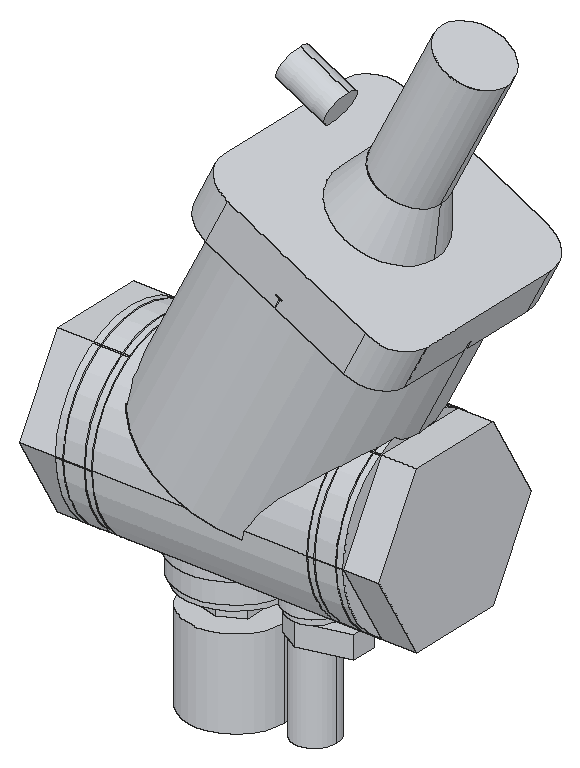
Revit family "PV_Compact_DN025L_ 20-80_FF_měř_RFA_2019", category Pipe Accessories, Revit 2019
Family settings
  Round Connector Dimension = Use Diameter
  Part Type = Valve - Breaks Into
  Work Plane-Based = No
  Always vertical = Yes
  Cut with Voids When Loaded = No
  Shared = No
Parameters (values of type "PV Compact DN25L FF s měřením ( 20-80kPa)")
  magiProductId = "87b7cca8bace4074a54840dfb5d8dc"
  magiProductFamilyId = "17221e4467384e4990f0bd3f9c07cb"
  magiPartTypeId = 304
  isMeasuringValve [instance] = no
  ang2D [instance] = 0.00°
  Z7 = 15 mm
  Z6 = 40.2 mm
  Z5 = 93.8 mm
  Z4 = 80.4 mm
  Z3 = 13.4 mm
  Z2 = 67 mm
  XR3 = 42.5 mm
  XR2 = 37.5 mm
  XR1 = 25.5 mm
  W2D = 15 mm
  VersionID = "2.0/2018.12.13.2/FRESE_PV_COMPACT_PLUG_Q13_001"
  Use Minimum Symbol Size [instance] = no
  URL = "www.hydronix.cz"
  Type Comments = "závitový s vnitřním závitem; dvěma měřicími vsuvkami; PN25; dpmax=450kPa; -10~+120°C;"
  R5 = 5 mm
  R4 = 15 mm
  R3 = 10 mm
  R2 = 26.5 mm
  R1 = 31.5 mm
  QmdConnectorList = "301;D;302;D"
  Productdata [instance] = ""
  PH__ve = -PH  # -17.6 mm
  PH = 17.6 mm
  NL__ve = -NL  # -20 mm
  NL = 20 mm
  Manufacturer = "Hydronix"
  MC Use Limits From Balancing Method = no
  MC Throttling Minimum Value = 0
  MC Throttling Maximum Value = 0
  MC Product Code = "53-3211 DN25L; FF; nastavitelný rozsah dp=20~80kPa; Q=750~4200l/h;  kvs=8,7"
  MC Pressure Drop Minimum Value = 0.0 Pa
  MC Pressure Drop Maximum Value = 0.0 Pa
  MC Piping Given Pressure Drop [instance] = 0.0 Pa
  M5 = 40 mm
  M4 = 38 mm
  M3 = 32 mm
  M2 = 30 mm
  LP = 50 mm
  LM = 60 mm
  LL__ve = -LL  # -6.3 mm
  LLT__ve = -LLT  # -19.1 mm
  LLT = 19.1 mm
  LL2 = 38 mm
  LL = 6.3 mm
  L3 = 11 mm
  L2D_Min = 30.48 mm
  L2D = 65 mm
  Description = "Nastavitelný regulátor tlakové diference"
  DR1 = no
  DR0 = yes
  DL2 = 66 mm
  D = 25 mm
  CenSd_R2_6 = R2 * cos(30.00°)  # 22.95 mm
  CAT0 = yes
  C0D1 = no
  C0D0 = yes
Types (10, lengths in mm): name | magiProductId | Z6 | Z5 | Z4 | Z3 | Z2 | XR3 | XR2 | XR1 | R2 | R1 | PH__ve | PH | NL__ve | NL | MC Product Code | M5 | M4 | M3 | M2 | LP | LM | LL__ve | LLT__ve | LLT | LL2 | LL | L3 | D | CenSd_R2_6
  PV Compact DN15 FF s měřením ( 20-60kPa) | "92c6061b2d364c498536f200ceae3f" | 24.6 | 57.4 | 49.2 | 8.2 | 41 | 30 | 25 | 13 | 14 | 19 | -22.4 | 22.4 | -15 | 15 | "53-3205 DN15; FF; nastavitelný rozsah dp=20~60kPa; Q=100~1000l/h;  kvs=2,9" | 32.5 | 30.5 | 24.5 | 22.5 | 37.5 | 45 | -5.7 | -14.9 | 14.9 | 32 | 5.7 | 11 | 15 | 12.124
  PV Compact DN15 FF s měřením (  5-30kPa) | "f361d342a5c3496a8b127ae77303d4" | 24.6 | 57.4 | 49.2 | 8.2 | 41 | 30 | 25 | 13 | 14 | 19 | -22.4 | 22.4 | -15 | 15 | "53-3204 DN15; FF; nastavitelný rozsah dp=5~30kPa; Q=50~600l/h;  kvs=2,9" | 32.5 | 30.5 | 24.5 | 22.5 | 37.5 | 45 | -5.7 | -14.9 | 14.9 | 32 | 5.7 | 11 | 15 | 12.124
  PV Compact DN20 FF s měřením ( 20-60kPa) | "9f7cac6a20a942348ba3edadb25c10" | 24.6 | 57.4 | 49.2 | 8.2 | 41 | 30 | 25 | 13 | 14 | 19 | -22.4 | 22.4 | -15.8 | 15.8 | "53-3207 DN20; FF; nastavitelný rozsah dp=20~60kPa; Q=150~2000l/h;  kvs=3,5" | 33.7 | 31.7 | 25.7 | 23.7 | 39.5 | 47.4 | -5.7 | -14.9 | 14.9 | 32 | 5.7 | 11 | 20 | 12.124
  PV Compact DN20 FF s měřením (  5-30kPa) | "db23a1b537c14a0d8d3ef5b88ba9f3" | 24.6 | 57.4 | 49.2 | 8.2 | 41 | 30 | 25 | 13 | 14 | 19 | -22.4 | 22.4 | -15.8 | 15.8 | "53-3206 DN20; FF; nastavitelný rozsah dp=5~30kPa; Q=100~1000l/h;  kvs=3,5" | 33.7 | 31.7 | 25.7 | 23.7 | 39.5 | 47.4 | -5.7 | -14.9 | 14.9 | 32 | 5.7 | 11 | 20 | 12.124
  PV Compact DN25 FF s měřením (  5-30kPa) | "df9f1d59aa4a4bbbaec25e168ba07d" | 25.5 | 59.5 | 51 | 8.5 | 42.5 | 30 | 25 | 13 | 14 | 19 | -20.8 | 20.8 | -16.6 | 16.6 | "53-3208 DN25; FF; nastavitelný rozsah dp=5~30kPa; Q=600~2100l/h;  kvs=4,0" | 34.9 | 32.9 | 26.9 | 24.9 | 41.5 | 49.8 | -5.9 | -16.3 | 16.3 | 34 | 5.9 | 11 | 25 | 12.124
  PV Compact DN25L FF s měřením ( 20-80kPa) | "87b7cca8bace4074a54840dfb5d8dc" | 40.2 | 93.8 | 80.4 | 13.4 | 67 | 42.5 | 37.5 | 25.5 | 26.5 | 31.5 | -17.6 | 17.6 | -20 | 20 | "53-3211 DN25L; FF; nastavitelný rozsah dp=20~80kPa; Q=750~4200l/h;  kvs=8,7" | 40 | 38 | 32 | 30 | 50 | 60 | -6.3 | -19.1 | 19.1 | 38 | 6.3 | 11 | 25 | 22.95
  PV Compact DN25L FF s měřením (  5-30kPa) | "5f34f6c18cbb44599cc4b76a533b7b" | 40.2 | 93.8 | 80.4 | 13.4 | 67 | 42.5 | 37.5 | 25.5 | 26.5 | 31.5 | -17.6 | 17.6 | -20 | 20 | "53-3210 DN25L; FF; nastavitelný rozsah dp=5~30kPa; Q=600~2500l/h;  kvs=8,7" | 40 | 38 | 32 | 30 | 50 | 60 | -6.3 | -19.1 | 19.1 | 38 | 6.3 | 11 | 25 | 22.95
  PV Compact DN32 FF s měřením ( 20-80kPa) | "4a8a1c2c3ced401aa76adec660b182" | 40.2 | 93.8 | 80.4 | 13.4 | 67 | 42.5 | 37.5 | 25.5 | 26.5 | 31.5 | -13.6 | 13.6 | -20.8 | 20.8 | "53-3214 DN32; FF; nastavitelný rozsah dp=20~80kPa; Q=1000~5000l/h;  kvs=10,1" | 41.2 | 39.2 | 33.2 | 31.2 | 52 | 62.4 | -6.8 | -22.6 | 22.6 | 43 | 6.8 | 25 | 32 | 22.95
  PV Compact DN40 FF s měřením ( 20-80kPa) | "8dd334465d8f48dd802c3dab6bec5b" | 46.8 | 109.2 | 93.6 | 15.6 | 78 | 42.5 | 37.5 | 25.5 | 26.5 | 31.5 | -11.2 | 11.2 | -27.6 | 27.6 | "53-3216 DN40; FF; nastavitelný rozsah dp=20~80kPa; Q=3000~8000l/h;  kvs=15,8" | 51.4 | 49.4 | 43.4 | 41.4 | 69 | 82.8 | -7.1 | -24.7 | 24.7 | 46 | 7.1 | 25 | 40 | 22.95
  PV Compact DN50 FF s měřením ( 20-80kPa) | "de24153ded7e41748f92358b184bd6" | 46.8 | 109.2 | 93.6 | 15.6 | 78 | 42.5 | 37.5 | 25.5 | 35.25 | 31.5 | -6.4 | 6.4 | -27.6 | 27.6 | "53-3218 DN50; FF; nastavitelný rozsah dp=20~80kPa; Q=5000~11500l/h;  kvs=16,2" | 51.4 | 49.4 | 43.4 | 41.4 | 69 | 82.8 | -7.7 | -28.9 | 28.9 | 52 | 7.7 | 25 | 50 | 30.527
Reference planes
  plane 1 "Center (Front/Back)": y = 0
  plane 2 "XYPLANE": z = 0
  plane 3 "Center (Left/Right)": x = 0
  plane 4 "408": x = 50
  plane 5 "407": x = -50
  plane 6 "402": z = -66
  plane 7 "213": x = 11
  plane 8 "168": z = -15.1
  plane 9 "167": z = -17.1
  plane 10 "166": z = -23.4
  plane 11 "165": z = -29.7
  plane 12 "164": z = -31.7
  plane 13 "154": z = 0
  plane 14 "152": y = 0
  plane 15 "151": z = -38
  plane 16 "150": x = -11
  plane 17 "75": through (307.08, 0, 685.28) normal (0.891, 0, -0.454)
  plane 18 "74": x = 40
  plane 19 "73": x = 38
  plane 20 "72": x = 32
  plane 21 "71": x = 30
  plane 22 "70": x = -40
  plane 23 "69": x = -38
  plane 24 "68": x = -32
  plane 25 "67": y = 0
  plane 26 "66": through (-666.893, 0, 343.166) normal (0.454, 0, 0.891)
  plane 27 "65": x = -30
  plane 28 "64": through (335.147, 0, 670.979) normal (0.891, 0, -0.454)
  plane 29 "63": through (-637.838, 0, 400.19) normal (0.454, 0, 0.891)
  plane 30 "62": through (363.214, 0, 656.678) normal (0.891, 0, -0.454)
  plane 31 "61": y = 31.5
  plane 32 "60": y = -31.5
  plane 33 "59": through (-631.754, 0, 412.13) normal (0.454, 0, 0.891)
  plane 34 "58": through (-625.671, 0, 424.069) normal (0.454, 0, 0.891)
  plane 35 "57": through (302.625, 0, 687.549) normal (0.891, 0, -0.454)
  plane 36 "56": x = 0
  plane 37 "55": through (-668.255, 0, 340.493) normal (0.454, 0, 0.891)
  plane 38 "102XY": through (-668.255, 0, 340.493) normal (0.454, 0, 0.891)
  plane 39 "102XZ": y = 0
  plane 40 "102YZ": through (340.493, 0, 668.255) normal (0.891, 0, -0.454)
Forms (mm)
  Extrusion 1, solid
    sketch origin (50, -750, 0) x (0, 1, 0) y (0, 0, 1)
      loop
        line (776.5, 0) -> (763.25, 22.95) -> (736.75, 22.95) -> (723.5, 0) -> (736.75, -22.95) -> (763.25, -22.95) -> (776.5, 0)
    from 0 to -20 <- "NL__ve"
  Extrusion 2, solid
    sketch origin (-50, -750, 0) x (0, 1, 0) y (0, 0, 1)
      loop
        line (723.5, 0) -> (736.75, -22.95) -> (763.25, -22.95) -> (776.5, 0) -> (763.25, 22.95) -> (736.75, 22.95) -> (723.5, 0)
    from 0 to 20 <- "NL"
  Extrusion 3, solid, visible <- "C0D1"
    sketch origin (-750, 0, -66) x (1, 0, 0) y (0, 1, 0)
      loop
        circle (761, 0) r 10
    from 0 to 50
  Extrusion 4, solid, visible <- "DR1"
    sketch origin (-750, 0, -23.4) x (1, 0, 0) y (0, 1, 0)
      loop
        line (761, -24.5) -> (778.892, -6) -> (778.892, 6) -> (761, 24.5) -> (750.608, 6) -> (750.608, -6) -> (761, -24.5)
    from 0 to -17.6 <- "PH__ve"
  Extrusion 5, solid, visible <- "DR1"
    sketch origin (-750, 0, -23.4) x (1, 0, 0) y (0, 1, 0)
      loop
        circle (761, 0) r 10
    from 0 to 6.3 <- "LL"
  Blend 6, solid, visible <- "DR1"
    base sketch origin (-750, 0, -15.1) x (1, 0, 0) y (0, 1, 0)
      loop
        circle (761, 0) r 7.5
    top sketch origin (-750, 0, -15.1) x (1, 0, 0) y (0, 1, 0)
      loop
        circle (761, 0) r 10
    from 0 to -2
  Extrusion 7, solid, visible <- "DR1"
    sketch origin (-750, 0, 0) x (1, 0, 0) y (0, 1, 0)
      loop
        circle (761, 0) r 7.5
    from 0 to -19.1 <- "LLT__ve"
  Extrusion 8, solid, visible <- "C0D0"
    sketch origin (-750, 0, -38) x (1, 0, 0) y (0, 1, 0)
      loop
        circle (761, 0) r 6
    from 0 to -25
  Extrusion 9, solid, visible <- "DR0"
    sketch origin (-750, 0, -31.7) x (1, 0, 0) y (0, 1, 0)
      loop
        line (761, -7) -> (774.562, -3.5) -> (774.562, 3.5) -> (761, 7) -> (754.938, 3.5) -> (754.938, -3.5) -> (761, -7)
    from 0 to -6.3 <- "LL__ve"
  Extrusion 10, solid, visible <- "DR0"
    sketch origin (-750, 0, -31.7) x (1, 0, 0) y (0, 1, 0)
      loop
        circle (761, 0) r 7
    from 0 to 2
  Extrusion 11, solid, visible <- "DR0"
    sketch origin (-750, 0, -23.4) x (1, 0, 0) y (0, 1, 0)
      loop
        circle (761, 0) r 9
    from 0 to 6.3 <- "LL"
  Blend 12, solid, visible <- "DR0"
    base sketch origin (-750, 0, -15.1) x (1, 0, 0) y (0, 1, 0)
      loop
        circle (761, 0) r 6.5
    top sketch origin (-750, 0, -15.1) x (1, 0, 0) y (0, 1, 0)
      loop
        circle (761, 0) r 9
    from 0 to -2
  Extrusion 13, solid, visible <- "DR0"
    sketch origin (-750, 0, 0) x (1, 0, 0) y (0, 1, 0)
      loop
        circle (761, 0) r 6.5
    from 0 to -19.1 <- "LLT__ve"
  Extrusion 14, solid, visible <- "DR0"
    sketch origin (-750, 0, 0) x (1, 0, 0) y (0, 1, 0)
      loop
        circle (761, 0) r 6.5
    from 0 to -19.1 <- "LLT__ve"
  Blend 15, solid, visible <- "DR0"
    base sketch origin (-750, 0, -15.1) x (1, 0, 0) y (0, 1, 0)
      loop
        circle (761, 0) r 6.5
    top sketch origin (-750, 0, -15.1) x (1, 0, 0) y (0, 1, 0)
      loop
        circle (761, 0) r 9
    from 0 to -2
  Extrusion 16, solid, visible <- "DR0"
    sketch origin (-750, 0, -23.4) x (1, 0, 0) y (0, 1, 0)
      loop
        circle (761, 0) r 9
    from 0 to 6.3 <- "LL"
  Extrusion 17, solid, visible <- "DR0"
    sketch origin (-750, 0, -29.7) x (1, 0, 0) y (0, 1, 0)
      loop
        circle (761, 0) r 8
    from 0 to 6.3 <- "LL"
  Extrusion 18, solid, visible <- "DR0"
    sketch origin (-750, 0, -31.7) x (1, 0, 0) y (0, 1, 0)
      loop
        circle (761, 0) r 7
    from 0 to 2
  Extrusion 19, solid, visible <- "DR0"
    sketch origin (-750, 0, -31.7) x (1, 0, 0) y (0, 1, 0)
      loop
        line (761, -7) -> (774.562, -3.5) -> (774.562, 3.5) -> (761, 7) -> (754.938, 3.5) -> (754.938, -3.5) -> (761, -7)
    from 0 to -6.3 <- "LL__ve"
  Extrusion 20, solid, visible <- "C0D0"
    sketch origin (-750, 0, -38) x (1, 0, 0) y (0, 1, 0)
      loop
        circle (761, 0) r 6
    from 0 to -25
  Extrusion 21, solid, visible <- "CAT0"
    sketch origin (-750, 0, -38) x (1, 0, 0) y (0, 1, 0)
      loop
        circle (739, 0) r 13.5
    from 0 to -25
  Extrusion 22, solid
    sketch origin (-750, 0, -31.7) x (1, 0, 0) y (0, 1, 0)
      loop
        line (739, -7) -> (745.062, -3.5) -> (745.062, 3.5) -> (739, 7) -> (725.438, 3.5) -> (725.438, -3.5) -> (739, -7)
    from 0 to -6.3 <- "LL__ve"
  Extrusion 23, solid
    sketch origin (-750, 0, -31.7) x (1, 0, 0) y (0, 1, 0)
      loop
        circle (739, 0) r 14.5
    from 0 to 2
  Extrusion 24, solid
    sketch origin (-750, 0, -29.7) x (1, 0, 0) y (0, 1, 0)
      loop
        circle (739, 0) r 15.5
    from 0 to 6.3 <- "LL"
  Extrusion 25, solid
    sketch origin (-750, 0, -23.4) x (1, 0, 0) y (0, 1, 0)
      loop
        circle (739, 0) r 16.5
    from 0 to 6.3 <- "LL"
  Blend 26, solid
    base sketch origin (-750, 0, -15.1) x (1, 0, 0) y (0, 1, 0)
      loop
        circle (739, 0) r 14
    top sketch origin (-750, 0, -15.1) x (1, 0, 0) y (0, 1, 0)
      loop
        circle (739, 0) r 16.5
    from 0 to -2
  Extrusion 27, solid
    sketch origin (-750, 0, 0) x (1, 0, 0) y (0, 1, 0)
      loop
        circle (739, 0) r 14
    from 0 to -19.1 <- "LLT__ve"
  Blend 28, solid, visible <- "CAT0"
    base sketch origin (38, -750, 0) x (0, 1, 0) y (0, 0, 1)
      loop
        circle (750, 0) r 26.5
    top sketch origin (38, -750, 0) x (0, 1, 0) y (0, 0, 1)
      loop
        circle (750, 0) r 26.5
    from 0 to 2
  Extrusion 29, solid, visible <- "CAT0"
    sketch origin (32, -750, 0) x (0, 1, 0) y (0, 0, 1)
      loop
        circle (750, 0) r 26.5
    from 0 to 6
  Blend 30, solid, visible <- "CAT0"
    base sketch origin (30, -750, 0) x (0, 1, 0) y (0, 0, 1)
      loop
        circle (750, 0) r 26.5
    top sketch origin (30, -750, 0) x (0, 1, 0) y (0, 0, 1)
      loop
        circle (750, 0) r 26.5
    from 0 to 2
  Blend 31, solid, visible <- "CAT0"
    base sketch origin (-38, -750, 0) x (0, 1, 0) y (0, 0, 1)
      loop
        circle (750, 0) r 26.5
    top sketch origin (-38, -750, 0) x (0, 1, 0) y (0, 0, 1)
      loop
        circle (750, 0) r 26.5
    from 0 to -2
  Extrusion 32, solid, visible <- "CAT0"
    sketch origin (-38, -750, 0) x (0, 1, 0) y (0, 0, 1)
      loop
        circle (750, 0) r 26.5
    from 0 to 6
  Blend 33, solid, visible <- "CAT0"
    base sketch origin (-32, -750, 0) x (0, 1, 0) y (0, 0, 1)
      loop
        circle (750, 0) r 26.5
    top sketch origin (-32, -750, 0) x (0, 1, 0) y (0, 0, 1)
      loop
        circle (750, 0) r 26.5
    from 0 to 2
  Extrusion 34, solid, visible <- "CAT0"
    sketch origin (-30, -750, 0) x (0, 1, 0) y (0, 0, 1)
      loop
        circle (750, 0) r 26.5
    from 0 to 60 <- "LM"
  Extrusion 35, solid, visible <- "CAT0"
    sketch origin (-666.893, 0, 343.166) x (0.891007, 0, -0.45399) y (0, 1, 0)
      loop
        circle (744, 0) r 31.5
    from 0 to 67 <- "Z2"
  Extrusion 36, solid, visible <- "CAT0"
    sketch origin (-637.838, 0, 400.19) x (0.891007, 0, -0.45399) y (0, 1, 0)
      loop
        arc (722.5, 31.5) -> (715.429, 28.571) -> (712.5, 21.5) r 10
        line (712.5, 21.5) -> (712.5, -21.5)
        arc (712.5, -21.5) -> (715.429, -28.571) -> (722.5, -31.5) r 10
        line (722.5, -31.5) -> (765.5, -31.5)
        arc (765.5, -31.5) -> (772.571, -28.571) -> (775.5, -21.5) r 10
        line (775.5, -21.5) -> (775.5, 21.5)
        arc (775.5, 21.5) -> (772.571, 28.571) -> (765.5, 31.5) r 10
        line (765.5, 31.5) -> (722.5, 31.5)
    from 0 to 13.4 <- "Z3"
  Blend 37, solid, visible <- "CAT0"
    base sketch origin (-631.754, 0, 412.13) x (0.891007, 0, -0.45399) y (0, 1, 0)
      loop
        circle (744, 0) r 15
    top sketch origin (-631.754, 0, 412.13) x (0.891007, 0, -0.45399) y (0, 1, 0)
      loop
        circle (744, 0) r 10
    from 0 to 13.4
  Extrusion 38, solid, visible <- "CAT0"
    sketch origin (-625.671, 0, 424.069) x (0.891007, 0, -0.45399) y (0, 1, 0)
      loop
        circle (744, 0) r 10
    from 0 to 40.2 <- "Z6"
  Extrusion 39, solid, visible <- "CAT0"
    sketch origin (302.625, 0, 687.549) x (-0.45399, 0, -0.891007) y (0, 1, 0)
      loop
        circle (656.2, 0) r 5
    from 0 to 15 <- "Z7"
  Blend 40, solid, visible <- "CAT0"
    base sketch origin (-668.255, 0, 340.493) x (0.891007, 0, -0.45399) y (0, 1, 0)
      loop
        circle (744, 0) r 27.5
    top sketch origin (-668.255, 0, 340.493) x (0.891007, 0, -0.45399) y (0, 1, 0)
      loop
        circle (744, 0) r 31.5
    from 0 to 3
  Extrusion 41, solid, not visible
    sketch origin (-40, -750, 0) x (0, 1, 0) y (0, 0, 1)
      loop
        circle (750, 0) r 22.5
    from 0 to 10
  Extrusion 42, solid, not visible
    sketch origin (40, -750, 0) x (0, 1, 0) y (0, 0, 1)
      loop
        circle (750, 0) r 22.5
    from 0 to -10
Lines and regions (mm)
  reference lines, not visible
    curve 1: circle (2, 2, 0) r 1 normal (0, 0, 1)
  reference lines
    curve 2: line (50, 0, 0) -> (50, -3.5, 6.062)
    curve 3: line (50, 0, 0) -> (50, -7, 0)
    curve 4: line (50, 0, 0) -> (50, -3.5, -6.062)
    curve 5: line (-50, 0, 0) -> (-50, 3.5, 6.062)
    curve 6: line (-50, 0, 0) -> (-50, 7, 0)
    curve 7: line (-50, 0, 0) -> (-50, 3.5, -6.062)
Dimensions and locks
  plane 1 "Center (Front/Back)" to curve 1 = 2 mm
  "LP": plane 36 "56" to plane 4 "408"
  "LP": plane 36 "56" to plane 5 "407"
  "DL2": plane 2 "XYPLANE" to plane 6 "402"
  "L3": plane 3 "Center (Left/Right)" to plane 7 "213"
  locked: plane 9 "167" to plane 8 "168" at 2
  "LL": plane 10 "166" to plane 9 "167"
  "LL": plane 11 "165" to plane 10 "166"
  locked: plane 12 "164" to plane 11 "165" at 2
  "LL": plane 15 "151" to plane 12 "164"
  locked: plane 2 "XYPLANE" to plane 13 "154"
  locked: plane 1 "Center (Front/Back)" to plane 14 "152"
  "LL2": plane 2 "XYPLANE" to plane 15 "151"
  "L3": plane 3 "Center (Left/Right)" to plane 16 "150"
  "XR2": plane 40 "102YZ" to plane 17 "75"
  "M5": plane 3 "Center (Left/Right)" to plane 18 "74"
  "M4": plane 3 "Center (Left/Right)" to plane 19 "73"
  "M3": plane 3 "Center (Left/Right)" to plane 20 "72"
  "M2": plane 3 "Center (Left/Right)" to plane 21 "71"
  "M5": plane 3 "Center (Left/Right)" to plane 22 "70"
  "M4": plane 3 "Center (Left/Right)" to plane 23 "69"
  "M3": plane 3 "Center (Left/Right)" to plane 24 "68"
  locked: plane 14 "152" to plane 25 "67"
  locked: plane 38 "102XY" to plane 26 "66" at 3
  "M2": plane 3 "Center (Left/Right)" to plane 27 "65"
  locked: plane 40 "102YZ" to plane 28 "64" at 6
  "Z2": plane 38 "102XY" to plane 29 "63"
  "XR1": plane 40 "102YZ" to plane 30 "62"
  "R1": plane 14 "152" to plane 31 "61"
  "R1": plane 14 "152" to plane 32 "60"
  "Z4": plane 38 "102XY" to plane 33 "59"
  "Z5": plane 38 "102XY" to plane 34 "58"
  "XR3": plane 40 "102YZ" to plane 35 "57"
  locked: plane 3 "Center (Left/Right)" to plane 36 "56"
  locked: plane 38 "102XY" to plane 37 "55"
  "CenSd_R2_6": curve 2 to Extrusion 1 sketch curve  (x2)
  "CenSd_R2_6": curve 3 to Extrusion 1 sketch curve  (x2)
  "CenSd_R2_6": curve 4 to Extrusion 1 sketch curve  (x2)
  Extrusion 1 sketch curve to Extrusion 1 sketch curve = 0 mm  (x12)
  "CenSd_R2_6": curve 5 to Extrusion 2 sketch curve  (x2)
  "CenSd_R2_6": curve 6 to Extrusion 2 sketch curve  (x2)
  "CenSd_R2_6": curve 7 to Extrusion 2 sketch curve  (x2)
  Extrusion 2 sketch curve to Extrusion 2 sketch curve = 0 mm  (x12)
  Extrusion 4 sketch curve to Extrusion 4 sketch curve = 0 mm  (x12)
  Extrusion 9 sketch curve to Extrusion 9 sketch curve = 0 mm  (x12)
  Extrusion 19 sketch curve to Extrusion 19 sketch curve = 0 mm  (x12)
  Extrusion 22 sketch curve to Extrusion 22 sketch curve = 0 mm  (x12)
  Extrusion 36 sketch curve to Extrusion 36 sketch curve = 0 mm  (x16)
  "R2": radius of Blend 28 sketch curve  (x2)
  "R2": radius of Extrusion 29 sketch curve
  "R2": radius of Blend 30 sketch curve  (x2)
  "R2": radius of Blend 31 sketch curve  (x2)
  "R2": radius of Extrusion 32 sketch curve
  "R2": radius of Blend 33 sketch curve  (x2)
  "R2": radius of Extrusion 34 sketch curve
  "R1": radius of Extrusion 35 sketch curve
  radius of Extrusion 36 sketch curve = 10 mm  (x4)
  "R3": radius of Blend 37 sketch curve
  "R4": radius of Blend 37 sketch curve
  "R3": radius of Extrusion 38 sketch curve
  "R5": radius of Extrusion 39 sketch curve
  "R1": radius of Blend 40 sketch curve
  locked: curve 3 to curve 2 (angle 60.00°)
  locked: curve 4 to curve 3 (angle 60.00°)
  locked: curve 4 to curve 2 (angle 120.00°)
  locked: curve 6 to curve 5 (angle 60.00°)
  locked: curve 7 to curve 6 (angle 60.00°)
  locked: curve 7 to curve 5 (angle 120.00°)
  aligned and locked: level to plane 2 "XYPLANE"
  aligned and locked: plane 13 "154" to curve 4
  aligned and locked: curve 4 to plane 14 "152"
  aligned and locked: plane 13 "154" to curve 7
  aligned and locked: curve 7 to plane 14 "152"
  aligned and locked: plane 7 "213" to Extrusion 3 sketch curve
  aligned and locked: plane 14 "152" to Extrusion 3 sketch curve
  aligned and locked: plane 7 "213" to Extrusion 5 sketch curve
  aligned and locked: plane 14 "152" to Extrusion 5 sketch curve
  aligned and locked: plane 7 "213" to Blend 6 sketch curve  (x2)
  aligned and locked: plane 14 "152" to Blend 6 sketch curve  (x2)
  aligned and locked: Blend 6 to plane 9 "167"
  aligned and locked: plane 7 "213" to Extrusion 7 sketch curve
  aligned and locked: plane 14 "152" to Extrusion 7 sketch curve
  aligned and locked: plane 7 "213" to Extrusion 8 sketch curve
  aligned and locked: plane 14 "152" to Extrusion 8 sketch curve
  aligned and locked: plane 7 "213" to Extrusion 10 sketch curve
  aligned and locked: plane 14 "152" to Extrusion 10 sketch curve
  aligned and locked: plane 7 "213" to Extrusion 11 sketch curve
  aligned and locked: plane 14 "152" to Extrusion 11 sketch curve
  aligned and locked: plane 7 "213" to Blend 12 sketch curve  (x2)
  aligned and locked: plane 14 "152" to Blend 12 sketch curve  (x2)
  aligned and locked: Blend 12 to plane 9 "167"
  aligned and locked: plane 7 "213" to Extrusion 13 sketch curve
  aligned and locked: plane 14 "152" to Extrusion 13 sketch curve
  aligned and locked: plane 7 "213" to Extrusion 14 sketch curve
  aligned and locked: plane 14 "152" to Extrusion 14 sketch curve
  aligned and locked: plane 7 "213" to Blend 15 sketch curve  (x2)
  aligned and locked: plane 14 "152" to Blend 15 sketch curve  (x2)
  aligned and locked: Blend 15 to plane 9 "167"
  aligned and locked: plane 7 "213" to Extrusion 16 sketch curve
  aligned and locked: plane 14 "152" to Extrusion 16 sketch curve
  aligned and locked: plane 7 "213" to Extrusion 17 sketch curve
  aligned and locked: plane 14 "152" to Extrusion 17 sketch curve
  aligned and locked: plane 7 "213" to Extrusion 18 sketch curve
  aligned and locked: plane 14 "152" to Extrusion 18 sketch curve
  aligned and locked: plane 7 "213" to Extrusion 20 sketch curve
  aligned and locked: plane 14 "152" to Extrusion 20 sketch curve
  aligned and locked: plane 14 "152" to Extrusion 21 sketch curve
  aligned and locked: plane 16 "150" to Extrusion 21 sketch curve
  aligned and locked: plane 14 "152" to Extrusion 23 sketch curve
  aligned and locked: plane 16 "150" to Extrusion 23 sketch curve
  aligned and locked: plane 14 "152" to Extrusion 24 sketch curve
  aligned and locked: plane 16 "150" to Extrusion 24 sketch curve
  aligned and locked: plane 14 "152" to Extrusion 25 sketch curve
  aligned and locked: plane 16 "150" to Extrusion 25 sketch curve
  aligned and locked: plane 14 "152" to Blend 26 sketch curve  (x2)
  aligned and locked: plane 16 "150" to Blend 26 sketch curve  (x2)
  aligned and locked: Blend 26 to plane 9 "167"
  aligned and locked: plane 14 "152" to Extrusion 27 sketch curve
  aligned and locked: plane 16 "150" to Extrusion 27 sketch curve
  aligned and locked: plane 13 "154" to Blend 28 sketch curve  (x2)
  aligned and locked: Blend 28 sketch curve to plane 14 "152"  (x2)
  aligned and locked: plane 18 "74" to Blend 28
  aligned and locked: plane 13 "154" to Extrusion 29 sketch curve
  aligned and locked: Extrusion 29 sketch curve to plane 14 "152"
  aligned and locked: plane 13 "154" to Blend 30 sketch curve  (x2)
  aligned and locked: Blend 30 sketch curve to plane 14 "152"  (x2)
  aligned and locked: plane 20 "72" to Blend 30
  aligned and locked: plane 13 "154" to Blend 31 sketch curve  (x2)
  aligned and locked: Blend 31 sketch curve to plane 14 "152"  (x2)
  aligned and locked: Blend 31 to plane 22 "70"
  aligned and locked: plane 13 "154" to Extrusion 32 sketch curve
  aligned and locked: Extrusion 32 sketch curve to plane 14 "152"
  aligned and locked: plane 13 "154" to Blend 33 sketch curve  (x2)
  aligned and locked: Blend 33 sketch curve to plane 14 "152"  (x2)
  aligned and locked: plane 27 "65" to Blend 33
  aligned and locked: plane 13 "154" to Extrusion 34 sketch curve
  aligned and locked: Extrusion 34 sketch curve to plane 14 "152"
  aligned and locked: plane 25 "67" to Extrusion 35 sketch curve
  aligned and locked: Extrusion 35 sketch curve to plane 28 "64"
  aligned and locked: Extrusion 36 sketch curve to plane 17 "75"
  aligned and locked: Extrusion 36 sketch curve to plane 32 "60"
  aligned and locked: Extrusion 36 sketch curve to plane 30 "62"
  aligned and locked: plane 31 "61" to Extrusion 36 sketch curve
  aligned and locked: plane 25 "67" to Blend 37 sketch curve  (x2)
  aligned and locked: Blend 37 sketch curve to plane 28 "64"  (x2)
  aligned and locked: plane 34 "58" to Blend 37
  aligned and locked: plane 25 "67" to Extrusion 38 sketch curve
  aligned and locked: Extrusion 38 sketch curve to plane 28 "64"
  aligned and locked: plane 25 "67" to Extrusion 39 sketch curve
  aligned and locked: plane 34 "58" to Extrusion 39 sketch curve
  aligned and locked: plane 25 "67" to Blend 40 sketch curve  (x2)
  aligned and locked: Blend 40 sketch curve to plane 28 "64"  (x2)
  aligned and locked: plane 26 "66" to Blend 40
  aligned and locked: plane 13 "154" to Extrusion 41 sketch curve
  aligned and locked: Extrusion 41 sketch curve to plane 14 "152"
  aligned and locked: plane 13 "154" to Extrusion 42 sketch curve
  aligned and locked: Extrusion 42 sketch curve to plane 14 "152"
Automatic sketch dimensions
  plane 3 "Center (Left/Right)" to Extrusion 3 sketch curve = 1 mm
  Extrusion 4 sketch curve to plane 7 "213" = 0 mm  (x2)
  plane 3 "Center (Left/Right)" to Extrusion 4 sketch curve = 0.608 mm
  Extrusion 4 sketch curve to plane 21 "71" = 1.108 mm
  plane 32 "60" to Extrusion 4 sketch curve = 7 mm
  plane 1 "Center (Front/Back)" to Extrusion 4 sketch curve = 6 mm  (x2)
  Extrusion 4 sketch curve to plane 1 "Center (Front/Back)" = 6 mm  (x2)
  Extrusion 4 sketch curve to plane 31 "61" = 7 mm
  plane 3 "Center (Left/Right)" to Extrusion 5 sketch curve = 1 mm
  plane 3 "Center (Left/Right)" to Blend 6 sketch curve = 3.5 mm
  plane 3 "Center (Left/Right)" to Blend 6 sketch curve = 1 mm
  plane 3 "Center (Left/Right)" to Extrusion 7 sketch curve = 3.5 mm
  plane 3 "Center (Left/Right)" to Extrusion 8 sketch curve = 5 mm
  Extrusion 9 sketch curve to plane 7 "213" = 0 mm  (x2)
  plane 3 "Center (Left/Right)" to Extrusion 9 sketch curve = 4.938 mm
  Extrusion 9 sketch curve to plane 21 "71" = 5.438 mm
  plane 1 "Center (Front/Back)" to Extrusion 9 sketch curve = 7 mm
  plane 1 "Center (Front/Back)" to Extrusion 9 sketch curve = 3.5 mm  (x2)
  Extrusion 9 sketch curve to plane 1 "Center (Front/Back)" = 3.5 mm  (x2)
  Extrusion 9 sketch curve to Extrusion 9 sketch curve = 3.5 mm
  plane 3 "Center (Left/Right)" to Extrusion 10 sketch curve = 4 mm
  plane 3 "Center (Left/Right)" to Extrusion 11 sketch curve = 2 mm
  plane 3 "Center (Left/Right)" to Blend 12 sketch curve = 4.5 mm
  plane 3 "Center (Left/Right)" to Blend 12 sketch curve = 2 mm
  plane 3 "Center (Left/Right)" to Extrusion 13 sketch curve = 4.5 mm
  plane 3 "Center (Left/Right)" to Extrusion 14 sketch curve = 4.5 mm
  plane 3 "Center (Left/Right)" to Blend 15 sketch curve = 4.5 mm
  plane 3 "Center (Left/Right)" to Blend 15 sketch curve = 2 mm
  plane 3 "Center (Left/Right)" to Extrusion 16 sketch curve = 2 mm
  plane 3 "Center (Left/Right)" to Extrusion 17 sketch curve = 3 mm
  plane 3 "Center (Left/Right)" to Extrusion 18 sketch curve = 4 mm
  Extrusion 19 sketch curve to plane 7 "213" = 0 mm  (x2)
  plane 3 "Center (Left/Right)" to Extrusion 19 sketch curve = 4.938 mm
  Extrusion 19 sketch curve to plane 21 "71" = 5.438 mm
  plane 1 "Center (Front/Back)" to Extrusion 19 sketch curve = 7 mm
  plane 1 "Center (Front/Back)" to Extrusion 19 sketch curve = 3.5 mm  (x2)
  Extrusion 19 sketch curve to plane 1 "Center (Front/Back)" = 3.5 mm  (x2)
  Extrusion 19 sketch curve to Extrusion 19 sketch curve = 3.5 mm
  plane 3 "Center (Left/Right)" to Extrusion 20 sketch curve = 5 mm
  plane 27 "65" to Extrusion 21 sketch curve = 5.5 mm
  Extrusion 22 sketch curve to plane 16 "150" = 0 mm  (x2)
  plane 27 "65" to Extrusion 22 sketch curve = 5.438 mm
  Extrusion 22 sketch curve to plane 3 "Center (Left/Right)" = 4.938 mm
  plane 1 "Center (Front/Back)" to Extrusion 22 sketch curve = 7 mm
  plane 1 "Center (Front/Back)" to Extrusion 22 sketch curve = 3.5 mm  (x2)
  Extrusion 22 sketch curve to plane 1 "Center (Front/Back)" = 3.5 mm  (x2)
  Extrusion 22 sketch curve to Extrusion 22 sketch curve = 3.5 mm
  plane 27 "65" to Extrusion 23 sketch curve = 4.5 mm
  plane 27 "65" to Extrusion 24 sketch curve = 3.5 mm
  plane 27 "65" to Extrusion 25 sketch curve = 2.5 mm
  plane 27 "65" to Blend 26 sketch curve = 5 mm
  plane 27 "65" to Blend 26 sketch curve = 2.5 mm
  plane 27 "65" to Extrusion 27 sketch curve = 5 mm
  plane 17 "75" to Blend 40 sketch curve = 4 mm
  plane 32 "60" to Extrusion 41 sketch curve = 9 mm
  plane 32 "60" to Extrusion 42 sketch curve = 9 mm
  plane 3 "Center (Left/Right)" to curve 1 = 2 mm
  radius of curve 1 = 1 mm
Connectors
  piping at (-40, 0, 0), diameter 25, driven by "D"
    settings: on Extrusion 41, index 1, connector inside diameter 609.6 mm, connector length 0 mm, flow factor 0, pipe flow 0.0 L/s, pressure drop 0.0 Pa, fitting loss kfactor 0, connector angle 0.00°, fixture units 0, engagement length 0 mm, angle of deflection 0.00°, flow configuration 0, flow direction 0, fitting loss method 0, system type 29, joint type 0, gender type 0, connector reference index 2, connector utility 0, adjustable connector no, is connector primary yes, connector description ""
  piping at (40, 0, 0), diameter 25, driven by "D"
    settings: on Extrusion 42, index 2, connector inside diameter 609.6 mm, connector length 0 mm, flow factor 0, pipe flow 0.0 L/s, pressure drop 0.0 Pa, fitting loss kfactor 0, connector angle 0.00°, fixture units 0, engagement length 0 mm, angle of deflection 0.00°, flow configuration 0, flow direction 0, fitting loss method 0, system type 29, joint type 0, gender type 0, connector reference index 1, connector utility 0, adjustable connector no, is connector primary no, connector description ""
